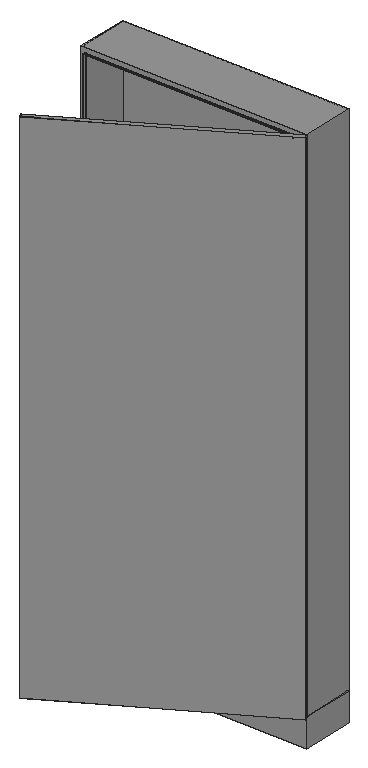
Revit family "Hager-Univers-IP54-D205-H1950-Cl.II-Encl-NoHosted-CH-en", category Equipement électrique, Revit 2020
Family settings
  Configuration du panneau = Deux colonnes, circuits au sein
  Cote de connecteur circulaire = Utiliser le diamètre
  Type d'élément = Tableau de raccordement
  Basée sur le plan de construction = Oui
  Toujours verticalement = Oui
  Couper avec des vides une fois chargée = Non
  Partagée = Non
  Point de calcul de pièce = Non
Parameters (values of type "Floor installation IP54 W800 H1950 D205  - FP23SW2")
  Width Control [instance] = if([EF000008 - Width] > Min Width, [EF000008 - Width], Min Width)  # 800 mm
  Commentaires du type = [HG000003 - Range]  # "Univers"
  Thickness Door [instance] = if([EF009171 - Material plate thickness door/cover] > 3 mm, 3 mm, [EF009171 - Material plate thickness door/cover])  # 1 mm
  Seal Frame Offset [instance] = 17 mm  # constant formula
  Plinth Visibility [instance] = [HG000027 - Plinth height] > 0 mm  # yes
  Min Width [instance] = 100 mm  # constant formula
  Min Depth [instance] = (2 * [EF009170 - Material plate thickness cabinet]) + 1 mm  # 3 mm
  Min Height [instance] = 100 mm  # constant formula
  Internal Frame Depth [instance] = (Door System Depth * 0.5)  # 9 mm
  Panel Name [instance] = ""  # (empty or 0)
  Model = ""
  HG000027 - Plinth height = 100 mm
  HG000026 - Floor standing = yes
  HG000024 - Bottom section height = 600 mm
  HG000023 - Double section enclosure = no
  HG000016 - Door 3d visibility [instance] = yes
  HG000015 - Clearance visibility [instance] = no
  HG000014 - Door on the right [instance] = yes
  HG000013 - Door on the left [instance] = not([HG000014 - Door on the right])  # no
  HG000012 - Door swing angle [instance] = 30.00°
  HG000010 - Asymmetric doors = no
  HG000009 - Double swing door = no
  HG000006 - Flush mounted = no
  HG000004 - Manufacturer reference = "FP23SW2"
  HG000003 - Range = "Univers"
  HG000002 - With door or cover = yes
  Frame Offset Bottom [instance] = 10 mm  # constant formula
  Frame Offset [instance] = 15 mm  # constant formula
  EF015940 - Cover with overpressure release = no
  EF011959 - Degree of protection (NEMA) = ""
  EF009554 - Number of openings for flange plates = 6
  EF009212 - Cover model = "EV000116 - Closed"
  EF009171 - Material plate thickness door/cover = 1 mm
  EF009170 - Material plate thickness cabinet = 1 mm
  EF008873 - Nominal current (In) = 400 A
  EF007800 - Suitable for lightning protection = no
  EF006306 - With lock = no
  EF006244 - Transparent cover/door = no
  EF005474 - Degree of protection (IP) = "EV006419 - IP54"
  EF004464 - Type of door = "EV002646 - Single"
  EF004427 - Number of modules = 432
  EF004293 - Impact strength = "EV006815 - IK09"
  EF003532 - Suitable for outdoor use = no
  EF002950 - Width in number of modular spacings = 36
  EF001613 - Circuit integrity = "EV000494 - None"
  EF001596 - Material housing = "EV000179 - Steel"
  EF001131 - Internal depth = 143 mm
  EF001088 - Extension possible = yes
  EF000437 - Number of conduit inlets = 6
  EF000339 - Type of cover = "EV001012 - Cover"
  EF000266 - Number of rows = 12
  EF000218 - Built-in depth = 0 mm
  EF000118 - With mounting plate = no
  EF000116 - RAL-number = "9010"
  EF000049 - Depth = 205 mm
  EF000040 - Height = 1950 mm
  EF000008 - Width = 800 mm
  EF000007 - Colour = "EV000202 - White"
  EF000003 - Mounting method = "EV012274 - Floor installation"
  Door System Leaf Tolerance [instance] = 1.5 mm  # constant formula
  Door System Depth [instance] = 18 mm  # constant formula
  Door Height [instance] = Height Control - [HG000027 - Plinth height]  # 1850 mm
  Description = ""
  Default Elevation = 1219.2 mm
  Connector Offset [instance] = Height Control / 2  # 975 mm
  Fabricant = "Hager"  # constant formula
  Height Control [instance] = if([EF000040 - Height] > Min Height, [EF000040 - Height], Min Height)  # 1950 mm
  Depth Control [instance] = if([EF000049 - Depth] > Min Depth, [EF000049 - Depth], Min Depth)  # 205 mm
  Bottom Top Plate Trim [instance] = 1.5 mm  # constant formula
  Plinth height Ctrl [instance] = if([HG000027 - Plinth height] > 0 mm, [HG000027 - Plinth height], 12 mm)  # 100 mm
Types (5, lengths in mm): name | Width Control | HG000010 - Asymmetric doors | HG000009 - Double swing door | HG000004 - Manufacturer reference | EF009554 - Number of openings for flange plates | EF008873 - Nominal current (In) | EF004464 - Type of door | EF004427 - Number of modules | EF002950 - Width in number of modular spacings | EF001131 - Internal depth | EF000437 - Number of conduit inlets | EF000008 - Width
  Floor installation IP54 W1050 H1950 D205  - FP24SW2 | 1050 | no | yes | "FP24SW2" | 8 | 400 A | "EV003602 - Double" | 576 | 48 | 143 | 8 | 1050
  Floor installation IP54 W1300 H1950 D205  - FP25SW2 | 1300 | yes | yes | "FP25SW2" | 10 | 400 A | "EV003602 - Double" | 720 | 60 | 130 | 10 | 1300
  Floor installation IP54 W300 H1950 D205  - FP21SW2 | 300 | no | no | "FP21SW2" | 2 | 250 A | "EV002646 - Single" | 144 | 12 | 143 | 2 | 300
  Floor installation IP54 W550 H1950 D205  - FP22SW2 | 550 | no | no | "FP22SW2" | 4 | 400 A | "EV002646 - Single" | 288 | 24 | 143 | 4 | 550
  Floor installation IP54 W800 H1950 D205  - FP23SW2 | 800 | no | no | "FP23SW2" | 6 | 400 A | "EV002646 - Single" | 432 | 36 | 143 | 6 | 800
Reference planes
  plane 1 "Center (Front/Back)": y = 0
  plane 2: z = 0
  plane 3 "Center (Left/Right)": x = 0
  plane 4: y = 0
  plane 5: y = 0
  plane 6: z = 0
  plane 7: x = -400
  plane 8: x = 400
  plane 9: x = 399
  plane 10: x = -399
  plane 11: z = 100
  plane 12: z = 101
  plane 13: y = -205
  plane 14: y = -1
  plane 15: x = 0
  plane 16: y = -187
  plane 17: y = -204
  plane 18: y = -186
  plane 19: x = -384
  plane 20: x = 384
  plane 21: z = 111
  plane 22: x = -383
  plane 23: x = 383
  plane 24: z = 100
  plane 25: z = 1950
  plane 26: z = 1950
  plane 27: z = 1934
  plane 28: z = 1949
Forms (mm)
  Extrusion 1, solid, material "Hager_Steel_RAL7035_Light_Grey", detail levels medium+fine
    sketch origin (-208.679, -4572, 100) x (-1, 0, 0) y (0, -1, 0)
      loop
        line (191.321, -4385) -> (-608.679, -4385) -> (-608.679, -4572) -> (191.321, -4572) -> (191.321, -4385)
    from 0 to 1850
  Extrusion 2, void
    sketch origin (-350.771, -205, 1219.2) x (1, 0, 0) y (0, 0, 1)
      loop
        line (-48.229, 729.8) -> (-48.229, -1118.2) -> (749.771, -1118.2) -> (749.771, 729.8) -> (-48.229, 729.8)
    from -19 to -204
  Extrusion 3, void
    sketch origin (-290.084, -187, 1219.2) x (1, 0, 0) y (0, 0, 1)
      loop
        line (-93.916, -1108.2) -> (674.084, -1108.2) -> (674.084, 714.8) -> (-93.916, 714.8) -> (-93.916, -1108.2)
    from 0 to -1
  Extrusion 4, solid, material "Hager_Steel_RAL7035_Light_Grey", visible <- "Plinth Visibility", detail levels medium+fine
    sketch origin (0, 0, 0) x (1, 0, 0) y (0, 1, 0)
      loop
        line (-400, 0) -> (-400, -187) -> (400, -187) -> (400, 0) -> (-400, 0)
    from 0 to 100 <- "Plinth height Ctrl"
  Extrusion 5, solid, material "Hager_Steel_RAL7035_Light_Grey", detail levels coarse
    sketch origin (0, 0, 0) x (1, 0, 0) y (0, 1, 0)
      loop
        line (-400, 0) -> (-400, -205) -> (400, -205) -> (400, 0) -> (-400, 0)
    from 0 to 1950 <- "Height Control"
  Sweep 6, void
    path in 3D
      loop
        line (-400, -187, 100) -> (400, -187, 100) -> (400, 0, 100) -> (-400, 0, 100) -> (-400, -187, 100)
    profile origin (-400, -93.5, 100) x (1, 0, 0) y (0, 0, 1)
      loop
        line (0, 0) -> (0, -1.5) -> (1.5, -1.5)
        arc (1.5, -1.5) -> (1.061, -0.439) -> (0, 0) r 1.5
  Extrusion 7, solid, material "Hager_Steel_RAL7035_Light_Grey", detail levels fine
    sketch origin (-400, -187, 100) x (1, 0, 0) y (0, 0, 1)
      loop
        line (16, 11) -> (784, 11) -> (784, 1834) -> (16, 1834) -> (16, 11)
      loop
        line (15, 10) -> (785, 10) -> (785, 1835) -> (15, 1835) -> (15, 10)
    from 0 to 9 <- "Internal Frame Depth"
Cuts and joins
  Extrusion 2, Extrusion 3 cuts Extrusion 1
  Sweep 6 cuts Extrusion 4
Lines and regions (mm)
  Masking region 1
    outline origin (0, 0, 0) x (1, 0, 0) y (0, 1, 0)
      loop
        line (-400, 0) -> (-400, -205) -> (400, -205) -> (400, 0) -> (-400, 0)
  Masking region 2, detail levels coarse
    outline origin (-290.084, -187, 1219.2) x (-1, 0, 0) y (0, 0, 1)
      loop
        line (-690.084, -1219.2) -> (109.916, -1219.2) -> (109.916, 730.8) -> (-690.084, 730.8) -> (-690.084, -1219.2)
  Masking region 3, detail levels coarse
    outline origin (0, 0, 0) x (0, 1, 0) y (0, 0, 1)
      loop
        line (0, 0) -> (0, 1950) -> (-205, 1950) -> (-205, 0) -> (0, 0)
  Masking region 4, visible <- "Plinth Visibility", detail levels medium+fine
    outline origin (0, 0, 0) x (0, 1, 0) y (0, 0, 1)
      loop
        line (-1.5, 100) -> (-185.5, 100)
        arc (-185.5, 100) -> (-185.939, 98.939) -> (-187, 98.5) r 1.5
        line (-187, 98.5) -> (-187, 0) -> (0, 0) -> (0, 98.5)
        arc (0, 98.5) -> (-1.061, 98.939) -> (-1.5, 100) r 1.5
  Masking region 5, detail levels medium+fine
    outline origin (0, 0, 594.038) x (0, 1, 0) y (0, 0, 1)
      loop
        line (0, -494.038) -> (0, 1355.962) -> (-187, 1355.962) -> (-187, -494.038) -> (0, -494.038)
  Masking region 6, detail levels medium+fine
    outline origin (-359.7, -187, 1211.883) x (-1, 0, 0) y (0, 0, 1)
      loop
        line (-759.7, -1111.883) -> (40.3, -1111.883) -> (40.3, 738.117) -> (-759.7, 738.117) -> (-759.7, -1111.883)
  Masking region 7, visible <- "Plinth Visibility", detail levels medium+fine
    outline origin (-320.334, -187, 1041.368) x (-1, 0, 0) y (0, 0, 1)
      loop
        line (-720.334, -1041.368) -> (79.666, -1041.368) -> (79.666, -942.868)
        arc (79.666, -942.868) -> (78.606, -942.429) -> (78.166, -941.368) r 1.5
        line (78.166, -941.368) -> (-718.834, -941.368)
        arc (-718.834, -941.368) -> (-719.273, -942.429) -> (-720.334, -942.868) r 1.5
        line (-720.334, -942.868) -> (-720.334, -1041.368)
  sketch lines
    curve 1: line (-400, 0, 100) -> (-400, -187, 100)
    curve 2: line (-400, -187, 100) -> (400, -187, 100)
    curve 3: line (400, 0, 100) -> (-400, 0, 100)
    curve 4: line (400, -187, 100) -> (400, 0, 100)
Dimensions and locks
  locked: plane 1 "Center (Front/Back)" to plane 5
  "EF009170 - Material plate thickness cabinet": plane 7 to plane 10
  "EF009170 - Material plate thickness cabinet": plane 8 to plane 9
  equal spacing: plane 7, plane 3 "Center (Left/Right)", plane 8
  "Width Control": plane 7 to plane 8
  "Depth Control": plane 4 to plane 13
  "EF009170 - Material plate thickness cabinet": plane 4 to plane 14
  "Height Control": plane 25 to level
  "HG000027 - Plinth height": plane 11 to level
  "EF009170 - Material plate thickness cabinet": plane 12 to plane 11
  "EF009170 - Material plate thickness cabinet": plane 17 to plane 13
  "EF009170 - Material plate thickness cabinet": plane 18 to plane 16
  "Frame Offset Bottom": plane 21 to plane 12
  "Frame Offset": plane 10 to plane 19
  "Frame Offset": plane 9 to plane 20
  "Door System Depth": plane 16 to plane 13
  "Seal Frame Offset": plane 7 to plane 22
  "Seal Frame Offset": plane 8 to plane 23
  "EF009170 - Material plate thickness cabinet": plane 26 to plane 28
  "Frame Offset": plane 28 to plane 27
  "Connector Offset": plane 2 to connector elem
  "Bottom Top Plate Trim": profile plane to Sweep 6 sketch curve
  "Bottom Top Plate Trim": Sweep 6 sketch curve to Sweep 6 sketch curve
  "Plinth height Ctrl": Masking region 4 sketch curve to level
  "Plinth height Ctrl": Masking region 7 sketch curve to level
  "Thickness Door": Extrusion 7 sketch curve to Extrusion 7 sketch curve  (x4)
  "Bottom Top Plate Trim": radius of Sweep 6 sketch curve
  "Bottom Top Plate Trim": radius of Masking region 4 sketch curve  (x2)
  "Bottom Top Plate Trim": radius of Masking region 7 sketch curve  (x2)
  aligned and locked: Extrusion 2 sketch curve to plane 12
  aligned and locked: Extrusion 2 sketch curve to plane 9
  aligned and locked: Extrusion 2 sketch curve to plane 10
  aligned and locked: Extrusion 2 to plane 14
  aligned and locked: Extrusion 1 sketch curve to plane 4
  aligned and locked: plane 8 to Extrusion 1 sketch curve
  aligned and locked: plane 7 to Extrusion 1 sketch curve
  aligned and locked: Extrusion 2 to plane 18
  aligned and locked: Extrusion 3 sketch curve to plane 19
  aligned and locked: plane 20 to Extrusion 3 sketch curve
  aligned and locked: Extrusion 3 to Extrusion 2
  aligned and locked: Extrusion 3 sketch curve to plane 21
  aligned and locked: plane 3 "Center (Left/Right)" to nested 1
  aligned and locked: Extrusion 1 sketch curve to plane 16
  aligned and locked: Extrusion 4 sketch curve to cut or joined group of Extrusion 1, Extrusion 2, Extrusion 3
  aligned and locked: Masking region 1 sketch curve to plane 7
  aligned and locked: Masking region 1 sketch curve to plane 5
  aligned and locked: Masking region 1 sketch curve to plane 8
  aligned and locked: Masking region 2 sketch curve to level
  aligned and locked: level to Masking region 3 sketch curve
  aligned and locked: plane 1 "Center (Front/Back)" to Masking region 3 sketch curve
  aligned and locked: plane 13 to Masking region 3 sketch curve
  aligned and locked: plane 5 to Masking region 4 sketch curve
  aligned and locked: Masking region 2 sketch curve to plane 8
  aligned and locked: Masking region 2 sketch curve to plane 7
  aligned and locked: plane 7 to nested 2
  aligned and locked: nested 2 to plane 5
  aligned and locked: plane 5 to Masking region 5 sketch curve
  aligned and locked: plane 26 to Masking region 5 sketch curve
  aligned and locked: Extrusion 5 sketch curve to plane 8
  aligned and locked: Extrusion 5 sketch curve to plane 7
  aligned and locked: Extrusion 5 sketch curve to plane 5
  aligned and locked: Extrusion 3 sketch curve to plane 27
  aligned and locked: Extrusion 2 sketch curve to plane 28
  aligned and locked: Masking region 2 to plane 25
  aligned and locked: Extrusion 4 to plane 16
  aligned and locked: profile plane to Sweep 6 sketch curve
  aligned and locked: Masking region 5 sketch curve to plane 24
  aligned and locked: level to Masking region 4 sketch curve
  aligned and locked: Masking region 1 to plane 13
  aligned and locked: nested 1 to plane 16
  aligned and locked: Masking region 3 to plane 25
  aligned and locked: plane 16 to Masking region 4 sketch curve
  aligned and locked: Masking region 5 sketch curve to plane 16
  aligned and locked: plane 24 to plane 11
  aligned and locked: plane 26 to plane 25
  aligned and locked: plane 26 to cut or joined group of Extrusion 1, Extrusion 2, Extrusion 3
  aligned and locked: nested 1 to plane 24
  aligned and locked: Extrusion 1 to Extrusion 3
  aligned and locked: Masking region 6 sketch curve to plane 8
  aligned and locked: Masking region 6 sketch curve to plane 24
  aligned and locked: Masking region 6 sketch curve to plane 7
  aligned and locked: Masking region 6 sketch curve to plane 26
  aligned and locked: Masking region 7 sketch curve to plane 7
  aligned and locked: level to Masking region 7 sketch curve
  aligned and locked: Masking region 7 sketch curve to plane 8
  aligned and locked: Extrusion 7 sketch curve to cut or joined group of Extrusion 1, Extrusion 2, Extrusion 3  (x4)
Automatic sketch dimensions
  plane 19 to Extrusion 3 sketch curve = 0 mm
  Extrusion 3 sketch curve to plane 20 = 0 mm
  Extrusion 3 sketch curve to plane 21 = 0 mm
  Extrusion 4 sketch curve to plane 7 = 0 mm
  Extrusion 4 sketch curve to plane 8 = 0 mm
  Extrusion 4 sketch curve to plane 16 = 0 mm
  Masking region 1 sketch curve to plane 13 = 0 mm
  Masking region 2 sketch curve to plane 25 = 0 mm
  Masking region 3 sketch curve to plane 25 = 0 mm
  Extrusion 5 sketch curve to plane 13 = 0 mm
  profile plane to Sweep 6 sketch curve = 0 mm
Nested families
  nested 1: "EC000058_Univers_Door" at (0, -187, 100), Double <- "HG000009 - Double swing door", Transparent <- "EF006244 - Transparent cover/door", Angle <- "HG000012 - Door swing angle", Door_Right <- "HG000014 - Door on the right", Assymetrical <- "HG000010 - Asymmetric doors", Door <- "HG000002 - With door or cover", Width_Ctrl <- "Width Control", 3d_Door <- "HG000016 - Door 3d visibility", Clearance <- "HG000015 - Clearance visibility", Door_Left <- "HG000013 - Door on the left", Width <- "Width Control", Door_Depth <- "Door System Depth", Leaf_Tolerance <- "Door System Leaf Tolerance", Height <- "Door Height", Lock_Visibility <- "EF006306 - With lock", Thickness <- "Thickness Door", type "EC000058_Univers_Door", detail levels medium+fine
    with min_wh 3 mm, Width_Ctrl 800 mm, Width 800 mm, Transparent no, Thickness 1 mm, Seal_Material Hager_Rubber, Lock_Visibility no, Lock_Material Hager_Plastic_RAL9005_Jet_Black, Leaf_Width 800 mm, Leaf_Tolerance_External_Sides 0 mm, Leaf_Tolerance 1.5 mm, Leaf_Offset 0 mm, Leaf_Height 1847 mm, Leaf_2_Width 800 mm, Leaf_2_Offset 400 mm, Leaf_1_Width 800 mm, Leaf_1_Offset 400 mm, Height_Ctrl 1850 mm, Height 1850 mm, Glass_Material Hager_Glass, Double_Clearance_Ctrl no, Double no, Door_Right_Ctrl yes, Door_Right yes, Door_Material Hager_Steel_RAL7035_Light_Grey, Door_Left_Ctrl no, Door_Left no, Door_Depth 18 mm, Door yes, Clearance_Material Hager_Clearance, Clearance_Depth 800 mm, Clearance_Ctrl no, Clearance no, Assymetrical no, Angle 30.00°, 3d_Door yes
  nested 2: "Hager_Enclosure_Symbol" at (-400, 0, 0), Height <- "Depth Control", Width <- "Width Control", type "Hager_Enclosure_Symbol"
    with Width_Ctrl 800 mm, Width 800 mm, Height_Ctrl 205 mm, Height 205 mm, A_Width_Int 13.453 mm, A_Width 161.438 mm, A_Height_Ctrl 179.375 mm, A_Height 179.375 mm
Connectors
  electrical at (0, 0, 975)
    settings: on plane 1 "Center (Front/Back)", index 1, voltage 0 V, apparent load 0 VA, apparent load phase1 0 VA, apparent load phase2 0 VA, apparent load phase3 0 VA, power factor 1, load classification "Other", number of poles 1, system type 30, power factor state 1, is connector primary yes, connector utility no, sub classification motor no, connector description ""
Definition of nested family "EC000058_Univers_Door"
  Parameters (values of type "EC000058_Univers_Door")
    min_wh [instance] = (2 * Thickness) + 1 mm  # 11 mm
    Width_Ctrl [instance] = 400 mm
    Width [instance] = 500 mm
    Transparent [instance] = yes
    Thickness [instance] = 5 mm
    Seal_Material [instance] = none
    Lock_Visibility [instance] = yes
    Lock_Material [instance] = none
    Leaf_Width [instance] = if((Width_Ctrl - 2 * Leaf_Tolerance_External_Sides) > 0 mm, (Width_Ctrl - 2 * Leaf_Tolerance_External_Sides), min_wh)  # 400 mm
    Leaf_Tolerance_External_Sides [instance] = 0 mm  # constant formula
    Leaf_Tolerance [instance] = 1.5 mm
    Leaf_Offset [instance] = 0 mm  # constant formula
    Leaf_Height [instance] = if((Height_Ctrl - 2 * Leaf_Tolerance) > 0 mm, (Height_Ctrl - 2 * Leaf_Tolerance), min_wh)  # 497 mm
    Leaf_2_Width [instance] = if(and(and(Double, Assymetrical), Door_Left), (Leaf_Width / 3) - (Leaf_Tolerance / 2), if(and(and(Double, Assymetrical), Door_Right), (Leaf_Width / 3) * 2 - (Leaf_Tolerance / 2), if(and(Double, not(Assymetrical)), (Leaf_Width / 2) - Leaf_Tolerance, Leaf_Width)))  # 400 mm
    Leaf_2_Offset [instance] = if(and(Double, Assymetrical), Leaf_2_Width / 2, if(and(Double, not(Assymetrical)), Leaf_Width / 4, Leaf_Width / 2))  # 200 mm
    Leaf_1_Width [instance] = if(and(and(Double, Assymetrical), Door_Right), (Leaf_Width / 3) - (Leaf_Tolerance / 2), if(and(and(Double, Assymetrical), Door_Left), (Width / 3) * 2 - (Leaf_Tolerance / 2), if(and(Double, not(Assymetrical)), (Leaf_Width / 2) - Leaf_Tolerance, Leaf_Width)))  # 400 mm
    Leaf_1_Offset [instance] = if(and(Double, Assymetrical), Leaf_1_Width / 2, if(and(Double, not(Assymetrical)), Leaf_Width / 4, Leaf_Width / 2))  # 200 mm
    Height_Ctrl [instance] = if(Height > min_wh, Height, min_wh)  # 500 mm
    Height [instance] = 500 mm
    Glass_Material [instance] = none
    Double_Clearance_Ctrl [instance] = and(Double, Clearance)  # no
    Double [instance] = no
    Door_Right_Ctrl [instance] = and(or(Door_Right, Double), Door)  # yes
    Door_Right [instance] = yes
    Door_Material [instance] = none
    Door_Left_Ctrl [instance] = and(or(Door_Left, Double), Door)  # no
    Door_Left [instance] = no
    Door_Depth [instance] = 30 mm
    Door [instance] = yes
    Default Elevation = 1219.2 mm
    Clearance_Material [instance] = none
    Clearance_Depth [instance] = if(Leaf_1_Width > Leaf_2_Width, Leaf_1_Width, Leaf_2_Width)  # 400 mm
    Clearance_Ctrl [instance] = and(not(Double), Clearance)  # yes
    Clearance [instance] = yes
    Assymetrical [instance] = yes
    Angle [instance] = 30.00°
    3d_Door [instance] = yes
  Reference planes
    plane 1 "Center (Front/Back)": y = 0
    plane 2 "Bottom": z = 0
    plane 3 "Center (Left/Right)": x = 0
    plane 4: z = 500
    plane 5: x = -200
    plane 6: x = 200
    plane 7: z = 500
    plane 8: x = -200
    plane 9: z = 0
    plane 10: x = 200
    plane 11: y = 0
    plane 12: z = 1.5
    plane 13: x = -600
    plane 14: y = -400
    plane 15: x = 600
    plane 16: x = 0
    plane 17: x = 0
    plane 18: x = -200
    plane 19: x = 200
    plane 20: z = 498.5
  Forms (mm)
    Extrusion 1, solid, material <- "Clearance_Material", visible <- "Double_Clearance_Ctrl"
      sketch origin (1200, 0, 0) x (1, 0, 0) y (0, 0, -1)
        loop
          line (-1800, -498.5) -> (-600, -498.5) -> (-600, 0) -> (-1800, 0) -> (-1800, -498.5)
      from 0 to -400
  Dimensions and locks
    equal spacing: plane 5, plane 3 "Center (Left/Right)", plane 6
    "Width_Ctrl": plane 5 to plane 6
    "Leaf_Offset": plane 5 to plane 8
    "Leaf_Offset": plane 6 to plane 10
    "Leaf_Offset": plane 9 to level
    "Leaf_Offset": plane 4 to plane 7
    "Height_Ctrl": plane 4 to level
    "Leaf_Tolerance": plane 12 to plane 9
    locked: plane 11 to plane 1 "Center (Front/Back)"
    "Leaf_1_Offset": plane 18 to plane 16
    "Leaf_2_Offset": plane 17 to plane 19
    "Leaf_1_Width": plane 13 to plane 8
    "Leaf_2_Width": plane 10 to plane 15
    "Clearance_Depth": plane 14 to plane 1 "Center (Front/Back)"
    "Leaf_Tolerance_External_Sides": plane 8 to plane 18
    "Leaf_Tolerance_External_Sides": plane 19 to plane 10
    "Leaf_Tolerance": plane 7 to plane 20
    aligned and locked: level to plane 2 "Bottom"
    aligned and locked: nested 1 to plane 16
    aligned and locked: nested 2 to plane 17
    aligned and locked: Extrusion 1 to plane 13
    aligned and locked: plane 15 to Extrusion 1
    aligned and locked: Extrusion 1 to plane 14
    aligned and locked: plane 12 to nested 1
    aligned and locked: nested 2 to plane 12
    aligned and locked: Extrusion 1 to plane 11
    aligned and locked: plane 20 to Extrusion 1
    aligned and locked: nested 2 to plane 11
    aligned and locked: nested 1 to plane 11
  Automatic sketch dimensions
    Extrusion 1 sketch curve to level = 0 mm
    plane 5 to Extrusion 1 sketch curve = 400 mm
    plane 6 to Extrusion 1 sketch curve = 400 mm
    Extrusion 1 sketch curve to plane 4 = 1.5 mm
  Nested families
    nested 1: "EC000058_Univers_Door_Leaf" at (0, 0, 1.5), Width <- "Leaf_1_Width", visible <- "Door_Left_Ctrl", Leaf_Height <- "Leaf_Height", Angle <- "Angle", 3d_Door <- "3d_Door", Transparent <- "Transparent", Clearance Material <- "Clearance_Material", Clearance <- "Clearance_Ctrl", Door_Material <- "Door_Material", Glass_Material <- "Glass_Material", Door_Depth <- "Door_Depth", Lock_Material <- "Lock_Material", Seal_Material <- "Seal_Material", Lock_Visibility <- "Lock_Visibility", Thickness <- "Thickness", type "EC000058_Univers_Door_Leaf"
      with Width 400 mm, Transparent_Glass_Offset 30 mm, Transparent_Ctrl yes, Transparent yes, Thickness 5 mm, Standard no, Seal_Material none, Seal_D2 8 mm, Seal_D1 1 mm, Offset_Internal_Frame 10 mm, Lock_Width 20 mm, Lock_Visibility_3d yes, Lock_Visibility yes, Lock_Thickness_3 3 mm, Lock_Thickness_2 1 mm, Lock_Thickness_1 3 mm, Lock_Radius_Offset_2 16 mm, Lock_Radius_Offset_1 15 mm, Lock_Radius_2 5 mm, Lock_Radius 6 mm, Lock_Offset 5 mm, Lock_Material none, Lock_Height 80 mm, Lock_Cover_Top_Offset_2d 17 mm, Lock_Cover_Height -65 mm, Leaf_Height 497 mm, Internal_Seal_Thickness 8 mm, Internal_Seal_Depth_2 4.5 mm, Internal_Frame_Depth 25 mm, Glass_Thickness -1 mm, Glass_Offset -2 mm, Glass_Material none, Door_Material none, Door_Depth 30 mm, Clearance Material none, Clearance yes, Angle_Ctrl 30.00°, Angle 30.00°, 3d_Door yes
    nested 2: "EC000058_Univers_Door_Leaf" at (0, 0, 1.5) x (-1, 0, 0) z (0, 0, 1), Width <- "Leaf_2_Width", visible <- "Door_Right_Ctrl", Leaf_Height <- "Leaf_Height", Angle <- "Angle", 3d_Door <- "3d_Door", Transparent <- "Transparent", Clearance Material <- "Clearance_Material", Clearance <- "Clearance_Ctrl", Door_Material <- "Door_Material", Glass_Material <- "Glass_Material", Door_Depth <- "Door_Depth", Lock_Material <- "Lock_Material", Seal_Material <- "Seal_Material", Lock_Visibility <- "Lock_Visibility", Thickness <- "Thickness", type "EC000058_Univers_Door_Leaf"
      with Width 400 mm, Transparent_Glass_Offset 30 mm, Transparent_Ctrl yes, Transparent yes, Thickness 5 mm, Standard no, Seal_Material none, Seal_D2 8 mm, Seal_D1 1 mm, Offset_Internal_Frame 10 mm, Lock_Width 20 mm, Lock_Visibility_3d yes, Lock_Visibility yes, Lock_Thickness_3 3 mm, Lock_Thickness_2 1 mm, Lock_Thickness_1 3 mm, Lock_Radius_Offset_2 16 mm, Lock_Radius_Offset_1 15 mm, Lock_Radius_2 5 mm, Lock_Radius 6 mm, Lock_Offset 5 mm, Lock_Material none, Lock_Height 80 mm, Lock_Cover_Top_Offset_2d 17 mm, Lock_Cover_Height -65 mm, Leaf_Height 497 mm, Internal_Seal_Thickness 8 mm, Internal_Seal_Depth_2 4.5 mm, Internal_Frame_Depth 25 mm, Glass_Thickness -1 mm, Glass_Offset -2 mm, Glass_Material none, Door_Material none, Door_Depth 30 mm, Clearance Material none, Clearance yes, Angle_Ctrl 30.00°, Angle 30.00°, 3d_Door yes
  Definition of nested family "EC000058_Univers_Door_Leaf"
    Parameters (values of type "EC000058_Univers_Door_Leaf")
      Width [instance] = 2000 mm
      Transparent_Glass_Offset [instance] = 30 mm
      Transparent_Ctrl [instance] = and(Transparent, [3d_Door])  # yes
      Transparent [instance] = yes
      Thickness [instance] = 5 mm
      Standard [instance] = and(not(Transparent), [3d_Door])  # no
      Seal_Material [instance] = none
      Seal_D2 [instance] = 8 mm  # constant formula
      Seal_D1 [instance] = 1 mm  # constant formula
      Offset_Internal_Frame [instance] = 10 mm  # constant formula
      Lock_Width [instance] = 20 mm  # constant formula
      Lock_Visibility_3d [instance] = and(Lock_Visibility, [3d_Door])  # yes
      Lock_Visibility [instance] = yes
      Lock_Thickness_3 [instance] = 3 mm  # constant formula
      Lock_Thickness_2 [instance] = 1 mm  # constant formula
      Lock_Thickness_1 [instance] = 3 mm  # constant formula
      Lock_Radius_Offset_2 [instance] = Lock_Radius_Offset_1 + 1 mm  # 16 mm
      Lock_Radius_Offset_1 [instance] = 15 mm  # constant formula
      Lock_Radius_2 [instance] = Lock_Radius - 1 mm  # 5 mm
      Lock_Radius [instance] = 6 mm  # constant formula
      Lock_Offset [instance] = 5 mm  # constant formula
      Lock_Material [instance] = none
      Lock_Height [instance] = 80 mm  # constant formula
      Lock_Cover_Top_Offset_2d [instance] = Lock_Radius_Offset_2 + 1 mm  # 17 mm
      Lock_Cover_Height [instance] = -(Lock_Height - Lock_Radius_Offset_1)  # -65 mm
      Leaf_Height [instance] = 2720.336 mm
      Internal_Seal_Thickness [instance] = 8 mm  # constant formula
      Internal_Seal_Depth_2 [instance] = 4.5 mm  # constant formula
      Internal_Frame_Depth [instance] = if(Door_Depth - Thickness > 5 mm, Door_Depth - Thickness, 5 mm)  # 25 mm
      Glass_Thickness [instance] = if(Thickness > 15 mm, Glass_Offset + 10 mm, -1 mm)  # -1 mm
      Glass_Offset [instance] = if(Thickness > 15 mm, -(Thickness + 10 mm) / 2, -2 mm)  # -2 mm
      Glass_Material [instance] = none
      Door_Material [instance] = none
      Door_Depth [instance] = 30 mm
      Default Elevation = 0 mm
      Clearance Material [instance] = none
      Clearance [instance] = yes
      Angle_Ctrl [instance] = if(Angle > 180.00°, 180.00°, Angle)  # 90.00°
      Angle [instance] = 90.00°
      3d_Door [instance] = yes
    Reference planes
      plane 1 "Center (Front/Back)": y = 0
      plane 2: z = 0
      plane 3 "Center (Left/Right)": x = 0
      plane 4: y = 2000
      plane 5: x = -1000
      plane 6: x = 1000
      plane 7: x = -3000
      plane 8: z = 2720.336
      plane 9: z = 30
      plane 10: z = 2690.336
      plane 11: x = 970
      plane 12: x = -970
      plane 13: y = -3
      plane 14: z = 107.833
      plane 15: y = -5
      plane 16: y = -223.314
      plane 17: x = -1000
      plane 18: z = 1360.168
      plane 19: y = 30
    Forms (mm)
      Extrusion 1, solid, material <- "Clearance Material", visible <- "Clearance"
        sketch origin (0, 0, 0) x (1, 0, 0) y (0, 0, 1)
          loop
            line (-3000, 2720.336) -> (-3000, 0) -> (1000, 0) -> (1000, 2720.336) -> (-3000, 2720.336)
        from 0 to -2000
      Extrusion 2, solid, material <- "Door_Material", visible <- "Standard", detail levels medium+fine
        sketch origin (-1000, 0, 0) x (0, 1, 0) y (-1, 0, 0)
          loop
            line (0, 30) -> (0, 25) -> (2000, 25) -> (2000, 30) -> (0, 30)
        from 0 to 2720.336 <- "Leaf_Height"
      Extrusion 3, solid, material <- "Door_Material", visible <- "Transparent_Ctrl", detail levels medium+fine
        sketch origin (-1000, 0, 0) x (0, 1, 0) y (-1, 0, 0)
          loop
            line (0, 25) -> (2000, 25) -> (2000, 30) -> (0, 30) -> (0, 25)
        from 0 to 2720.336 <- "Leaf_Height"
      Extrusion 4, void
        sketch origin (-1025, 2000, 0) x (0, 1, 0) y (0, 0, -1)
          loop
            line (-30, -2690.336) -> (-30, -30) -> (-1970, -30) -> (-1970, -2690.336) -> (-30, -2690.336)
        from 0 to 5 <- "Thickness"
      Sweep 5, solid, material <- "Seal_Material", visible <- "Transparent_Ctrl", detail levels fine
        path in 3D
          loop
            line (-1025, 30, 30) -> (-1025, 30, 2690.336) -> (-1025, 1970, 2690.336) -> (-1025, 1970, 30) -> (-1025, 30, 30)
        profile origin (-1025, 1000, 30) x (1, 0, 0) y (0, 0, 1)
          loop
            line (0, 0) -> (0, -8) -> (1, -8) -> (1, 0) -> (0, 0)
      Extrusion 6, solid, material <- "Glass_Material", visible <- "Transparent_Ctrl", detail levels medium+fine
        sketch origin (-1030, 0, 0) x (0, 1, 0) y (0, 0, -1)
          loop
            line (1970, -2690.336) -> (1970, -30) -> (30, -30) -> (30, -2690.336) -> (1970, -2690.336)
        from -2 <- "Glass_Offset" to -1 <- "Glass_Thickness"
      Extrusion 7, solid, material <- "Door_Material", visible <- "3d_Door", detail levels medium+fine
        sketch origin (-1025, 2000, 0) x (0, -1, 0) y (0, 0, -1)
          loop
            line (0, -2720.336) -> (2000, -2720.336) -> (2000, 0) -> (0, 0) -> (0, -2720.336)
          loop
            line (1995, -5) -> (5, -5) -> (5, -2715.336) -> (1995, -2715.336) -> (1995, -5)
        from 0 to 25 <- "Internal_Frame_Depth"
      Sweep 8, solid, material <- "Seal_Material", visible <- "Transparent_Ctrl", detail levels fine
        path in 3D
          loop
            line (-1025, 0, 0) -> (-1025, 2000, 0) -> (-1025, 2000, 2720.336) -> (-1025, 0, 2720.336) -> (-1025, 0, 0)
        profile origin (-1025, 0, 1360.168) x (1, 0, 0) y (0, 1, 0)
          loop
            line (0, 10) -> (2.975, 10)
            arc (2.975, 10) -> (4.053, 10.447) -> (4.5, 11.525) r 1.525
            line (4.5, 11.525) -> (4.5, 16.527)
            arc (4.5, 16.527) -> (4.069, 17.569) -> (3.027, 18) r 1.473
            line (3.027, 18) -> (0, 18) -> (0, 10)
      Extrusion 9, solid, material <- "Lock_Material", visible <- "Lock_Visibility_3d", detail levels fine
        sketch origin (-1030, 0, 0) x (0, 1, 0) y (0, 0, -1)
          loop
            arc (1993.5, -1400.168) -> (1994.561, -1399.729) -> (1995, -1398.668) r 1.5
            line (1995, -1398.668) -> (1995, -1320.168) -> (1975, -1320.168) -> (1975, -1398.668)
            arc (1975, -1398.668) -> (1975.439, -1399.729) -> (1976.5, -1400.168) r 1.5
            line (1976.5, -1400.168) -> (1993.5, -1400.168)
        from 3 <- "Lock_Thickness_1" to 0
      Blend 10, solid, material <- "Lock_Material", visible <- "Lock_Visibility_3d", detail levels fine
        base sketch origin (-1033, 0, 0) x (0, 1, 0) y (0, 0, -1)
          loop
            line (1975, -1320.168) -> (1975, -1398.668)
            arc (1975, -1398.668) -> (1975.439, -1399.729) -> (1976.5, -1400.168) r 1.5
            line (1976.5, -1400.168) -> (1993.5, -1400.168)
            arc (1993.5, -1400.168) -> (1994.561, -1399.729) -> (1995, -1398.668) r 1.5
            line (1995, -1398.668) -> (1995, -1320.168) -> (1975, -1320.168)
        top sketch origin (-1033, 0, 0) x (0, 1, 0) y (0, 0, -1)
          loop
            line (1976, -1320.168) -> (1976, -1398.668)
            arc (1976, -1398.668) -> (1976.146, -1399.022) -> (1976.5, -1399.168) r 0.5
            line (1976.5, -1399.168) -> (1993.5, -1399.168)
            arc (1993.5, -1399.168) -> (1993.854, -1399.022) -> (1994, -1398.668) r 0.5
            line (1994, -1398.668) -> (1994, -1320.168) -> (1976, -1320.168)
        from 0 to 1 <- "Lock_Thickness_2"
      Blend 11, solid, material <- "Lock_Material", visible <- "Lock_Visibility_3d", detail levels fine
        base sketch origin (-1034, 0, 0) x (0, 1, 0) y (0, 0, -1)
          loop
            line (1978, -1320.168) -> (1978, -1384.168)
            arc (1978, -1384.168) -> (1985, -1391.168) -> (1992, -1384.168) r 7
            line (1992, -1384.168) -> (1992, -1320.168) -> (1978, -1320.168)
        top sketch origin (-1034, 0, 0) x (0, 1, 0) y (0, 0, -1)
          loop
            line (1991, -1320.168) -> (1979, -1320.168) -> (1979, -1383.168)
            arc (1979, -1383.168) -> (1985, -1389.168) -> (1991, -1383.168) r 6
            line (1991, -1383.168) -> (1991, -1320.168)
        from 0 to 3 <- "Lock_Thickness_3"
      Extrusion 12, solid, material <- "Lock_Material", visible <- "Lock_Visibility_3d", detail levels fine
        sketch origin (-1030, 1975, 1320.168) x (1, 0, 0) y (0, -1, 0)
          loop
            line (-7, -19) -> (-7, -1) -> (0, -1) -> (0, 0) -> (-8, 0) -> (-8, -20) -> (0, -20) -> (0, -19) -> (-7, -19)
        from 0 to -65 <- "Lock_Cover_Height"
      Extrusion 13, void
        sketch origin (-1038, 1995, 1320.168) x (-1, 0, 0) y (0, 0, -1)
          loop
            line (-5, -65) -> (0, -65) -> (-5, -60) -> (-5, -65)
        from 0 to 20 <- "Lock_Width"
      Extrusion 14, void
        sketch origin (-1038, 1975, 1320.168) x (0, -1, 0) y (0, 0, -1)
          loop
            circle (-10, -15.995) r 6
          loop
            circle (-10, -15.995) r 5
        from 0 to 2
      Extrusion 15, solid, material <- "Lock_Material", visible <- "Lock_Visibility_3d", detail levels medium
        sketch origin (-1030, 0, 0) x (0, 1, 0) y (0, 0, -1)
          loop
            arc (1993.5, -1400.168) -> (1994.561, -1399.729) -> (1995, -1398.668) r 1.5
            line (1995, -1398.668) -> (1995, -1320.168) -> (1975, -1320.168) -> (1975, -1398.668)
            arc (1975, -1398.668) -> (1975.439, -1399.729) -> (1976.5, -1400.168) r 1.5
            line (1976.5, -1400.168) -> (1993.5, -1400.168)
        from 8 to 0
    Cuts and joins
      Extrusion 4 cuts Extrusion 3
      Extrusion 13, Extrusion 14 cuts Extrusion 9
      Extrusion 14 cuts Blend 11
      Extrusion 13, Extrusion 14 cuts Extrusion 12
      joined: Extrusion 9, Blend 10, Blend 11, Extrusion 12
      Extrusion 14 cuts Extrusion 15
    Lines and regions (mm)
      Masking region 1, visible <- "Lock_Visibility", detail levels fine
        outline origin (0, 0, 0) x (0, 1, 0) y (0, 0, 1)
          loop
            line (30, 1320.168) -> (33, 1320.168) -> (33, 1400.168) -> (30, 1400.168) -> (30, 1320.168)
      Masking region 2, visible <- "Lock_Visibility", detail levels fine
        outline origin (0, 3.143, 0) x (0, 1, 0) y (0, 0, 1)
          loop
            line (29.857, 1354.168) -> (30.857, 1354.168) -> (30.857, 1366.168) -> (29.857, 1366.168) -> (29.857, 1354.168)
      Masking region 3, detail levels medium+fine
        outline origin (0, 0, 0) x (0, 1, 0) y (0, 0, 1)
          loop
            line (0, 0) -> (30, 0) -> (30, 2720.336) -> (0, 2720.336) -> (0, 0)
      Masking region 4, detail levels medium+fine
        outline origin (0, 0, 0) x (1, 0, 0) y (0, 0, 1)
          loop
            line (-1000, 2720.336) -> (-1000, 0) -> (1000, 0) -> (1000, 2720.336) -> (-1000, 2720.336)
      Masking region 5, visible <- "Lock_Visibility", detail levels fine
        outline origin (-47.116, 0, 0) x (1, 0, 0) y (0, 0, 1)
          loop
            arc (1024.616, 1399.168) -> (1023.556, 1398.729) -> (1023.116, 1397.668) r 1.5
            line (1023.116, 1397.668) -> (1023.116, 1320.168) -> (1041.116, 1320.168) -> (1041.116, 1397.668)
            arc (1041.116, 1397.668) -> (1040.677, 1398.729) -> (1039.616, 1399.168) r 1.5
            line (1039.616, 1399.168) -> (1024.616, 1399.168)
      Masking region 6, visible <- "Lock_Visibility", detail levels medium+fine
        outline origin (-25, 0, 0) x (1, 0, 0) y (0, 0, 1)
          loop
            arc (1001.5, 1400.168) -> (1000.439, 1399.729) -> (1000, 1398.668) r 1.5
            line (1000, 1398.668) -> (1000, 1320.168) -> (1020, 1320.168) -> (1020, 1398.668)
            arc (1020, 1398.668) -> (1019.561, 1399.729) -> (1018.5, 1400.168) r 1.5
            line (1018.5, 1400.168) -> (1001.5, 1400.168)
      Masking region 7, visible <- "Lock_Visibility", detail levels fine
        outline origin (-73.735, 0, 0) x (1, 0, 0) y (0, 0, 1)
          loop
            line (1051.735, 1382.168) -> (1065.735, 1382.168) -> (1065.735, 1384.168)
            arc (1065.735, 1384.168) -> (1058.735, 1391.168) -> (1051.735, 1384.168) r 7
            line (1051.735, 1384.168) -> (1051.735, 1382.168)
      Masking region 8, visible <- "Lock_Visibility", detail levels fine
        outline origin (-73.735, 0, 0) x (1, 0, 0) y (0, 0, 1)
          loop
            line (1052.735, 1382.168) -> (1064.735, 1382.168) -> (1064.735, 1383.168)
            arc (1064.735, 1383.168) -> (1058.735, 1389.168) -> (1052.735, 1383.168) r 6
            line (1052.735, 1383.168) -> (1052.735, 1382.168)
      Masking region 9, visible <- "Lock_Visibility", detail levels fine
        outline origin (-25, 0, 0) x (1, 0, 0) y (0, 0, 1)
          loop
            line (1020, 1320.168) -> (1020, 1382.168) -> (1000, 1382.168) -> (1000, 1320.168) -> (1020, 1320.168)
      Masking region 10, detail levels medium+fine
        outline origin (0, 0, 0) x (1, 0, 0) y (0, 0, 1)
          loop
            circle (985, 1335.144) r 6
      Masking region 11, detail levels fine
        outline origin (0, 0, 0) x (1, 0, 0) y (0, 0, 1)
          loop
            circle (985, 1335.144) r 5
      Masking region 12, visible <- "Lock_Visibility", detail levels fine
        outline origin (0, 12.767, 0) x (0, 1, 0) y (0, 0, 1)
          loop
            line (20.233, 1320.168) -> (21.233, 1320.168) -> (21.233, 1399.168) -> (20.233, 1400.168) -> (20.233, 1320.168)
      Masking region 13, visible <- "Lock_Visibility", detail levels fine
        outline origin (0, 13.767, -10) x (0, 1, 0) y (0, 0, 1)
          loop
            line (20.233, 1330.168) -> (23.233, 1330.168) -> (23.233, 1399.168) -> (20.233, 1402.168) -> (20.233, 1330.168)
      Masking region 14, visible <- "Lock_Visibility", detail levels fine
        outline origin (0, 12.767, -10) x (0, 1, 0) y (0, 0, 1)
          loop
            line (20.233, 1330.168) -> (25.233, 1330.168) -> (25.233, 1399.305) -> (20.233, 1394.305) -> (20.233, 1330.168)
      Masking region 15, visible <- "Lock_Visibility", detail levels medium
        outline origin (0, 0, 0) x (0, 1, 0) y (0, 0, 1)
          loop
            line (30, 1320.168) -> (38, 1320.168) -> (38, 1400.168) -> (30, 1400.168) -> (30, 1320.168)
      Masking region 16, visible <- "Lock_Visibility", detail levels fine
        outline origin (-1000, 0, 0) x (0, 1, 0) y (-1, 0, 0)
          loop
            line (1975, 30) -> (1995, 30) -> (1995, 38) -> (1975, 38) -> (1975, 30)
          loop
            line (1979, 37) -> (1976, 37) -> (1976, 34) -> (1978, 34) -> (1979, 37)
          loop
            line (1994, 37) -> (1991, 37) -> (1992, 34) -> (1994, 34) -> (1994, 37)
      Masking region 17, visible <- "Lock_Visibility", detail levels medium
        outline origin (-1000, 0, 0) x (0, 1, 0) y (-1, 0, 0)
          loop
            line (1975, 30) -> (1995, 30) -> (1995, 38) -> (1975, 38) -> (1975, 30)
      symbolic lines
        curve 1: line (1000, 0, 0) -> (-3000, 0, 0)
        curve 2: arc (1000, 0, 0) -> (-1000, 2000, 0) -> (-3000, 0, 0) r 2000
        curve 4: line (-1030, 0, 0) -> (-1030, 2000, 0)
      reference lines
        curve 3: line (-1000, 0, 0) -> (-1000, 2000, 0)
      symbolic lines, detail levels medium+fine
        curve 5: line (-1030, 2000, 0) -> (-1025, 2000, 0)
        curve 7: line (-1025, 0, 0) -> (-1030, 0, 0)
        curve 8: line (-1025, 0, 0) -> (-1000, 0, 0)
        curve 9: line (-1000, 0, 0) -> (-1000, 2000, 0)
        curve 10: line (-1000, 2000, 0) -> (-1025, 2000, 0)
      symbolic lines, detail levels fine
        curve 6: line (-1025, 2000, 0) -> (-1025, 0, 0)
      sketch lines
        curve 11: line (-1025, 0, 2720.336) -> (-1025, 0, 0)
        curve 12: line (-1025, 2000, 0) -> (-1025, 0, 0)
        curve 13: line (-1025, 2000, 2720.336) -> (-1025, 2000, 0)
        curve 14: line (-1025, 0, 2720.336) -> (-1025, 2000, 2720.336)
        curve 15: line (-1025, 1970, 30) -> (-1025, 30, 30)
        curve 16: line (-1025, 30, 30) -> (-1025, 30, 2690.336)
        curve 17: line (-1025, 1970, 2690.336) -> (-1025, 1970, 30)
        curve 18: line (-1025, 30, 2690.336) -> (-1025, 1970, 2690.336)
      symbolic lines, visible <- "Transparent", detail levels medium+fine
        curve 19: line (-970, 0, 2690.336) -> (970, 0, 2690.336)
        curve 20: line (-970, 0, 30) -> (-970, 0, 2690.336)
        curve 21: line (970, 0, 30) -> (-970, 0, 30)
        curve 22: line (970, 0, 2690.336) -> (970, 0, 30)
    Dimensions and locks
      "Width": plane 1 "Center (Front/Back)" to plane 4
      equal spacing: plane 5, plane 3 "Center (Left/Right)", plane 6
      "Width": plane 5 to plane 6
      "Width": plane 7 to plane 5
      "Leaf_Height": plane 8 to level
      "Width": curve 5 to curve 3
      "Width": curve 3 to curve 3
      plane 8 to plane 10 = 30 mm
      plane 9 to level = 30 mm
      plane 12 to plane 5 = 30 mm
      plane 6 to plane 11 = 30 mm
      Extrusion 1 to Extrusion 4 sketch curve = 30 mm
      "Transparent_Glass_Offset": curve 3 to Extrusion 4 sketch curve
      "Transparent_Glass_Offset": Extrusion 4 sketch curve to cut or joined group of Extrusion 3, Extrusion 4  (x2)
      cut or joined group of Extrusion 3, Extrusion 4 to Extrusion 6 sketch curve = 30 mm
      "Transparent_Glass_Offset": cut or joined group of Extrusion 3, Extrusion 4 to Extrusion 4 sketch curve
      "Thickness": curve 6 to curve 4
      "Thickness": Extrusion 7 sketch curve to Extrusion 7 sketch curve  (x4)
      "Door_Depth": curve 4 to curve 3
      "Offset_Internal_Frame": profile plane to Sweep 8 sketch curve
      "Internal_Seal_Thickness": Sweep 8 sketch curve to Sweep 8 sketch curve
      "Internal_Seal_Depth_2": profile plane to Sweep 8 sketch curve
      "Seal_D1": profile plane to Sweep 5 sketch curve
      "Seal_D2": profile plane to Sweep 5 sketch curve
      "Thickness": Extrusion 2 sketch curve to Extrusion 2 sketch curve
      equal spacing: Extrusion 9 sketch curve, plane 18, Extrusion 9 sketch curve  (x2)
      equal spacing: Masking region 1 sketch curve, plane 18, Masking region 1 sketch curve
      "Lock_Height": Masking region 1 sketch curve to Masking region 1 sketch curve
      "Lock_Radius": Masking region 2 sketch curve to plane 18 to Masking region 2 sketch curve
      Masking region 2 sketch curve to Masking region 1 = 1 mm
      "Door_Depth": plane 19 to plane 1 "Center (Front/Back)"
      "Lock_Thickness_1": Masking region 1 sketch curve to plane 19
      "Lock_Width": Extrusion 9 sketch curve to Extrusion 9 sketch curve
      "Lock_Height": Extrusion 9 sketch curve to Extrusion 9 sketch curve
      "Lock_Offset": cut or joined group of Extrusion 3, Extrusion 4 to Extrusion 9 sketch curve
      equal spacing: plane 8, plane 18, level
      "Lock_Radius_Offset_1": Blend 11 sketch curve to Blend 10
      locked: Blend 10 to Blend 11 sketch curve at 2  (x2)
      locked: var sketch to Blend 11 sketch curve at 1  (x2)
      "Lock_Radius_Offset_2": Blend 11 sketch curve to Blend 10
      locked: Extrusion 12 sketch curve to Extrusion 12 sketch curve at 1  (x3)
      Masking region 6 sketch curve to Masking region 6 sketch curve = 80 mm
      "Lock_Height": Masking region 6 sketch curve to Masking region 6 sketch curve
      "Lock_Width": Masking region 6 sketch curve to Masking region 6 sketch curve
      locked: Masking region 6 to Masking region 5 sketch curve at 1  (x3)
      locked: Masking region 5 to Masking region 7 sketch curve at 2  (x2)
      "Lock_Radius_Offset_1": Masking region 5 to Masking region 7 sketch curve
      "Lock_Radius_Offset_2": Masking region 5 to Masking region 8 sketch curve
      locked: Masking region 7 to Masking region 8 sketch curve at 1  (x2)
      "Lock_Cover_Top_Offset_2d": Masking region 5 to Masking region 9 sketch curve
      equal spacing: Masking region 9, Masking region 10 sketch curve, Masking region 9
      equal spacing: Masking region 9, Masking region 11 sketch curve, Masking region 9
      Extrusion 15 sketch curve to Extrusion 15 sketch curve = 80 mm
      "Lock_Width": Extrusion 15 sketch curve to Extrusion 15 sketch curve
      "Lock_Height": Extrusion 15 sketch curve to Extrusion 15 sketch curve
      equal spacing: Extrusion 15 sketch curve, plane 18, Extrusion 15 sketch curve
      "Lock_Thickness_3": Masking region 13 sketch curve to Masking region 13 sketch curve
      "Lock_Height": Masking region 12 sketch curve to Masking region 12 sketch curve
      locked: Masking region 13 sketch curve to Masking region 1 at 8
      locked: Masking region 14 sketch curve to Masking region 13 at 1
      locked: Masking region 14 sketch curve to Masking region 1 at 10.863
      "Lock_Height": Masking region 15 sketch curve to Masking region 15 sketch curve
      "Lock_Offset": Extrusion 15 sketch curve to cut or joined group of Extrusion 3, Extrusion 4
      "Lock_Offset": plane 6 to Masking region 6 sketch curve
      radius of Sweep 8 sketch curve = 1.525 mm
      radius of Sweep 8 sketch curve = 1.473 mm
      radius of Extrusion 9 sketch curve = 1.5 mm  (x2)
      "Lock_Radius": radius of Extrusion 14 sketch curve
      "Lock_Radius_2": radius of Extrusion 14 sketch curve
      "Lock_Radius": radius of Masking region 10 sketch curve
      "Lock_Radius_2": radius of Masking region 11 sketch curve
      radius of Extrusion 15 sketch curve = 1.5 mm  (x2)
      "Angle_Ctrl": angle plane 1 "Center (Front/Back)" to curve 3
      locked: Masking region 12 sketch curve to Masking region 12 sketch curve (angle 45.00°)
      locked: Masking region 13 sketch curve to Masking region 13 sketch curve (angle 45.00°)
      locked: Masking region 14 sketch curve to Masking region 14 sketch curve (angle 45.00°)
      aligned and locked: level to plane 2
      aligned and locked: Extrusion 1 to curve 1
      aligned and locked: plane 6 to Extrusion 1
      aligned and locked: Extrusion 1 to plane 1 "Center (Front/Back)"
      aligned and locked: plane 4 to Extrusion 1
      aligned and locked: plane 8 to Extrusion 1
      aligned and locked: curve 7 to Extrusion 2 sketch curve
      aligned and locked: curve 5 to Extrusion 2 sketch curve
      aligned and locked: curve 7 to Extrusion 3 sketch curve
      aligned and locked: Extrusion 3 sketch curve to curve 4
      aligned and locked: Extrusion 3 sketch curve to curve 6
      aligned and locked: Extrusion 3 sketch curve to curve 5
      aligned and locked: curve 9 to curve 3
      aligned and locked: Extrusion 7 sketch curve to cut or joined group of Extrusion 3, Extrusion 4  (x4)
      aligned and locked: plane 17 to curve 3
      aligned and locked: plane 1 "Center (Front/Back)" to curve 3
      aligned and locked: plane 17 to plane 5
      aligned and locked: Sweep 8 sketch curve to profile plane
      aligned and locked: Sweep 5 sketch curve to profile plane  (x2)
      aligned and locked: Masking region 1 to Masking region 2 sketch curve
      aligned and locked: plane 19 to Masking region 1 sketch curve
      aligned and locked: plane 1 "Center (Front/Back)" to Masking region 3 sketch curve
      aligned and locked: plane 19 to Masking region 3 sketch curve
      aligned and locked: level to Masking region 3 sketch curve
      aligned and locked: Masking region 3 sketch curve to plane 8
      aligned and locked: plane 17 to Masking region 4 sketch curve
      aligned and locked: level to Masking region 4 sketch curve
      aligned and locked: Masking region 4 sketch curve to plane 8
      aligned and locked: plane 12 to curve 20
      aligned and locked: plane 10 to curve 19
      aligned and locked: plane 11 to curve 22
      aligned and locked: curve 21 to plane 9
      aligned and locked: Extrusion 2 sketch curve to cut or joined group of Extrusion 3, Extrusion 4
      aligned and locked: Blend 10 sketch curve to Extrusion 9  (x4)
      aligned and locked: Extrusion 9 to Blend 10 sketch curve
      aligned and locked: Blend 10 to Blend 11 sketch curve
      aligned and locked: Extrusion 12 sketch curve to Blend 11
      aligned and locked: Extrusion 12 sketch curve to Extrusion 9  (x4)
      aligned and locked: Masking region 5 sketch curve to Masking region 6
      aligned and locked: Masking region 9 sketch curve to Masking region 6  (x3)
      aligned and locked: Masking region 12 sketch curve to Masking region 1
      aligned and locked: Masking region 13 sketch curve to Masking region 1
      aligned and locked: Masking region 12 to Masking region 14
      aligned and locked: Masking region 14 sketch curve to Masking region 1
      aligned and locked: Masking region 15 sketch curve to Masking region 14
      aligned and locked: Masking region 13 sketch curve to Masking region 12
      aligned and locked: Masking region 16 sketch curve to cut or joined group of Extrusion 14, Extrusion 15  (x4)
      aligned and locked: Masking region 16 sketch curve to cut or joined group of Extrusion 9, Blend 10, Blend 11, Extrusion 12, Extrusion 13, Extrusion 14  (x6)
      aligned and locked: cut or joined group of Extrusion 9, Blend 10, Blend 11, Extrusion 12, Extrusion 13, Extrusion 14 to Masking region 16 sketch curve
      aligned and locked: Masking region 17 sketch curve to cut or joined group of Extrusion 14, Extrusion 15  (x3)
      aligned and locked: Masking region 17 sketch curve to cut or joined group of Extrusion 9, Blend 10, Blend 11, Extrusion 12, Extrusion 13, Extrusion 14
      aligned and locked: Masking region 9 to Masking region 8 sketch curve
      aligned and locked: Masking region 9 to Masking region 7 sketch curve
    Automatic sketch dimensions
      plane 1 "Center (Front/Back)" to curve 2 = 0 mm
      curve 2 to plane 5 = 0 mm
      Extrusion 1 sketch curve to level = 0 mm
      Extrusion 1 sketch curve to plane 7 = 0 mm
      Extrusion 1 sketch curve to plane 6 = 0 mm
      Extrusion 1 sketch curve to plane 8 = 0 mm
      Extrusion 3 to Extrusion 6 sketch curve = 30 mm  (x4)
      Masking region 4 sketch curve to plane 6 = 0 mm
      Blend 10 sketch curve to Extrusion 9 = 1.5 mm
      Blend 10 sketch curve to Extrusion 9 = 1 mm
      Extrusion 13 sketch curve to Extrusion 12 = 0 mm  (x2)
      Extrusion 12 to Extrusion 13 sketch curve = 3 mm
      Extrusion 13 sketch curve to Extrusion 12 = 5 mm
      Extrusion 14 sketch curve to Extrusion 14 sketch curve = 0 mm  (x2)
      Extrusion 14 sketch curve to Extrusion 12 = 10 mm
      Extrusion 14 sketch curve to Extrusion 12 = 15.995 mm
      Masking region 5 sketch curve to Masking region 5 sketch curve = 1.5 mm  (x2)
      Masking region 10 sketch curve to plane 18 = 25.024 mm
      Masking region 11 sketch curve to plane 18 = 25.024 mm
      plane 19 to Masking region 14 sketch curve = 3 mm
      Masking region 16 sketch curve to Masking region 16 sketch curve = 3 mm
      curve 4 to curve 3 = 0 mm
      Blend 10 to Blend 11 sketch curve = 0 mm
      Masking region 6 sketch curve to Masking region 6 sketch curve = 1.5 mm  (x2)
      Masking region 6 sketch curve to plane 18 = 40 mm
      plane 19 to Masking region 12 sketch curve = 3 mm
      Masking region 12 sketch curve to Masking region 12 sketch curve = 1 mm
      Masking region 15 sketch curve to plane 19 = 0 mm
      Masking region 15 sketch curve to plane 18 = 40 mm
      radius of Blend 10 sketch curve to Extrusion 9 = 1 mm
Definition of nested family "Hager_Enclosure_Symbol"
  Parameters (values of type "Hager_Enclosure_Symbol")
    Width_Ctrl [instance] = if(Width > 1 mm, Width, 1 mm)  # 102.27 mm
    Width [instance] = 102.27 mm
    Height_Ctrl [instance] = if(Height > 1 mm, Height, 1 mm)  # 66.5 mm
    A_Width_Int [instance] = if(A_Width / 12 > 2 mm, A_Width / 12, 2 mm)  # 4.364 mm
    A_Width [instance] = if(A_Height_Ctrl * 0.9 > 2 mm, A_Height_Ctrl * 0.9, 2 mm)  # 52.369 mm
    A_Height_Ctrl [instance] = if(A_Height > 2 mm, A_Height, 2 mm)  # 58.188 mm
    Height [instance] = 66.5 mm
    A_Height [instance] = Height - (Height / 8)  # 58.188 mm
  Reference planes
    plane 1 "Centre (avant/arrière)": y = 0
    plane 2: z = 0
    plane 3 "Centre (gauche/droite)": x = 0
    plane 4: x = 52.369
    plane 5: y = 33.042
    plane 6: y = 41.77
    plane 7: y = 66.5
    plane 8: x = 26.184
    plane 9: y = 37.406
    plane 10: x = 102.27
    plane 11: y = 66.5
    plane 12: y = 8.313
  Lines and regions (mm)
    Filled region 1, type "Solid_Black", in view "Niveau de réf."
      outline origin (0, 0, 0) x (1, 0, 0) y (0, 1, 0)
        loop
          line (52.369, 66.5) -> (33.188, 54.536) -> (45.365, 45.006) -> (52.369, 66.5)
    Filled region 2, type "Solid_Black", in view "Niveau de réf."
      outline origin (0, 0, 0) x (1, 0, 0) y (0, 1, 0)
        loop
          line (0, 0) -> (102.27, 0) -> (102.27, 66.5) -> (0, 0)
    detail lines, in view "Niveau de réf."
      curve 1: line (0, 8.313, 0) -> (26.184, 41.77, 0)
      curve 2: line (26.184, 41.77, 0) -> (26.184, 33.042, 0)
      curve 3: line (26.184, 33.042, 0) -> (52.369, 66.5, 0)
  Dimensions and locks
    "A_Width": plane 3 "Centre (gauche/droite)" to plane 4
    equal spacing: plane 3 "Centre (gauche/droite)", plane 8, plane 4
    equal spacing: plane 6, plane 9, plane 5
    equal spacing: curve 3, Filled region 1 sketch curve, Filled region 1 sketch curve
    "Height_Ctrl": plane 1 "Centre (avant/arrière)" to plane 11
    "A_Height_Ctrl": plane 11 to plane 12
    equal spacing: plane 11, plane 9, plane 12
    "A_Width_Int": plane 6 to plane 9
    "Width_Ctrl": plane 3 "Centre (gauche/droite)" to plane 10
    angle Filled region 1 sketch curve to curve 3 = 20.00°
    angle curve 3 to Filled region 1 sketch curve = 20.00°
    locked: curve 3 to Filled region 1 sketch curve (angle 90.00°)
    aligned and locked: plane 10 to Filled region 2
    aligned and locked: plane 11 to Filled region 2 sketch curve
    aligned and locked: plane 10 to Filled region 2 sketch curve
    aligned and locked: plane 3 "Centre (gauche/droite)" to curve 1
    aligned and locked: plane 12 to curve 1
    aligned and locked: plane 7 to plane 11
  Automatic sketch dimensions
    Filled region 1 sketch curve to plane 4 = 0 mm
    Filled region 1 sketch curve to plane 7 = 0 mm
    plane 1 "Centre (avant/arrière)" to Filled region 2 sketch curve = 0 mm
    Filled region 2 sketch curve to plane 3 "Centre (gauche/droite)" = 0 mm
    curve 2 to plane 6 = 0 mm
    curve 2 to plane 8 = 0 mm
    curve 3 to plane 4 = 0 mm
    curve 2 to plane 5 = 0 mm
    curve 3 to plane 7 = 0 mm
